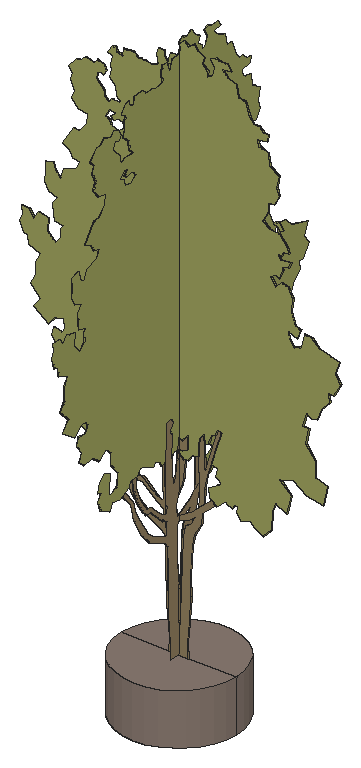
Revit family "L-PL낙엽교목_팥배나무", category 수목, Revit 2019
Family settings
  OmniClass 번호 = 23.40.05.00
  OmniClass 제목 = Plants and Planting Products
  작업 기준면 기반 = 아니오
  항상 수직 = 예
  로드될 때 보이드를 사용하여 절단 = 아니오
  렌더 모양 소스 = 패밀리 형상
  공유 = 아니오
Parameters (values of type "팥배나무")
  한국산업규격KS = ""
  콘 높이 = 뿌리분 직경 / 4  # 272.5 mm
  조달청표준공사코드-세부공종 = "10161599202809"
  뿌리분 직경 = (24 mm + ((R / 10) - 3 mm) * 5) * 10  # 1090 mm
  뿌리분 높이 = 뿌리분 직경 / 2  # 545 mm
  높이 = 5000 mm
  건설정보분류체계-부위분류 = "E985"
  R = 200 mm
  LIM_INFO_주의사항 = "재배포, 재가공, 판매 금지"
  LIM_INFO_제작일 = "20211210"
  LIM_INFO_버전 = "2022_V01"
  LIM_INFO_PL_학명 = "Quercus myrsinaefolia Bl."
  LIM_INFO_PL_품명 = "가시나무"
  LIM_INFO_PL_주당인정수량 = 0
  LIM_INFO_PL_수목단위 = "주"
  LIM_INFO_PL_규격 = "5.0H X 18R"
  LIM_INFO_PL_구분 = "상록교목"
  LIM_INFO_PL_가격 = 0
  LIM_INFO_PL_Qty [instance] = 0
  LIM_INFO_PL_M2당수량 = 0
  KBIMS_식별-버전 = ""
  KBIMS_식별-bSK등록번호 = ""
  KBIMS_보급정보-저작자 = "림인포테크_MMJ"
  KBIMS_보급정보-보급코드 = ""
  H = 높이  # 5000 mm
Reference planes
  plane 1 "중심(앞/뒤)": y = 0
  plane 2: z = 0
  plane 3 "중심(왼쪽/오른쪽)": x = 0
  plane 4: x = 482.5
  plane 5: x = -607.5
  plane 6: z = -545
  plane 7: z = -817.5
  plane 8: z = 5000
  plane 9: x = -100
  plane 10: x = 100
Forms (mm)
  Revolve 1, solid, material "흙"
    sketch origin (0, 0, 0) x (1, 0, 0) y (0, 0, 1)
      loop
        line (0, 0) -> (-607.5, 0) -> (-607.5, -545) -> (0, -545) -> (0, 0)
      axis (0, 0) -> (0, -545)
    angle from 0 to 360
  Revolve 2, solid, material "흙"
    sketch origin (0, 0, 0) x (1, 0, 0) y (0, 0, 1)
      loop
        line (0, -545) -> (-607.5, -545) -> (0, -817.5) -> (0, -545)
      axis (0, -545) -> (0, -817.5)
    angle from 0 to 360
Dimensions and locks
  "뿌리분 직경": plane 4 to plane 5
  "뿌리분 높이": plane 6 to level
  "콘 높이": plane 7 to plane 6
  "H": level to plane 8
  "R": plane 9 to plane 10
  aligned and locked: level to plane 2
Automatic sketch dimensions
  Revolve 1 sketch curve to level = 0 mm  (x2)
  Revolve 1 sketch curve to plane 5 = 0 mm
  Revolve 1 sketch curve to plane 3 "중심(왼쪽/오른쪽)" = 0 mm  (x2)
  Revolve 1 sketch curve to plane 6 = 0 mm  (x2)
  Revolve 2 sketch curve to plane 5 = 0 mm
  Revolve 2 sketch curve to plane 3 "중심(왼쪽/오른쪽)" = 0 mm  (x2)
  Revolve 2 sketch curve to plane 7 = 0 mm  (x2)
  Revolve 2 sketch curve to plane 6 = 0 mm  (x2)
Nested families
  nested 1: "팥배나무" at (0, 0, 0), type "팥배나무"
Definition of nested family "팥배나무"
  Parameters (values of type "팥배나무")
    Height = 6000 mm
  Reference planes
    plane 1 "중심(앞/뒤)": y = 0
    plane 2: z = 0
    plane 3 "중심(왼쪽/오른쪽)": x = 0
  Forms (mm)
    Extrusion 1, solid, detail levels fine
      sketch origin (0, 0, 0) x (1, 0, 0) y (0, 0, 1)
        loop
          line (-380.891, 1228.712) -> (-174.689, 1124.918) -> (-139.284, 1077.72) -> (-132.929, 876.223) -> (-129.353, 443.798) -> (-96.672, 139.738) -> (-100, 0) -> (100, 0) -> (94.781, 136.298) -> (115.488, 348.499) -> (131.018, 596.931) -> (124.116, 781.529) -> (146.582, 1081.052) -> (172.465, 1193.191) -> (246.654, 1321.079) -> (255.132, 1423.791) -> (172.49, 1361.302) -> (148.346, 1305.854) -> (115.617, 1268.457) -> (80.218, 1250.427) -> (63.519, 1179.641) -> (50.161, 1142.244) -> (28.221, 369.48) -> (25.535, 306.38) -> (16.135, 288.928) -> (4.722, 331.217) -> (4.05, 628.588) -> (-20.22, 889.371) -> (-20.077, 1234.379) -> (11.816, 1270.251) -> (116.464, 1322.067) -> (248.021, 1424.702) -> (394.817, 1549.822) -> (346.908, 1579.324) -> (216.129, 1472.235) -> (154.618, 1406.006) -> (-3.908, 1313.851) -> (-28.077, 1321.623) -> (-31.182, 1416.328) -> (-21.865, 1469.115) -> (43.354, 1629.027) -> (57.376, 1693.268) -> (75.596, 1871.185) -> (52.517, 1868.756) -> (6.966, 1912.476) -> (5.144, 1950.124) -> (46.443, 1951.945) -> (98.954, 1979.267) -> (100.76, 2103.88) -> (48.377, 2046.69) -> (7.433, 2049.098) -> (-14.054, 1902.038) -> (-33.998, 1690.363) -> (-76.955, 1612.136) -> (-95.365, 1829.946) -> (-99.763, 1977.85) -> (-87.355, 2020.794) -> (-83.664, 2132.062) -> (-110.341, 2149.25) -> (-120.419, 2185.405) -> (-88.407, 2198.445) -> (-80.7, 2239.341) -> (-103.227, 2271.347) -> (-150.321, 2249.086) -> (-172.112, 1755.677) -> (-169.303, 1571.22) -> (-159.001, 1397.999) -> (-203.017, 1415.789) -> (-281.684, 1475.714) -> (-352.859, 1545.939) -> (-375.335, 1556.239) -> (-418.415, 1555.302) -> (-513.452, 1687.799) -> (-563.821, 1823.652) -> (-566.237, 1920.088) -> (-599.187, 1919.085) -> (-595.839, 1822.218) -> (-540.749, 1666.477) -> (-463.479, 1549.441) -> (-427.727, 1506.777) -> (-380.442, 1506.777) -> (-229.689, 1379.655) -> (-157.608, 1323.731) -> (-151.842, 1210.154) -> (-161.068, 1183.634) -> (-330.332, 1263.706) -> (-411.332, 1329.966) -> (-506.14, 1486.415) -> (-576.216, 1613.583) -> (-588.263, 1682.409) -> (-599.736, 1713.381) -> (-704.411, 1838.85) -> (-738.739, 1821.129) -> (-626.589, 1691.644) -> (-589.128, 1527.176) -> (-481.449, 1333.755) -> (-380.891, 1228.712)
        loop
          line (224.494, 1543.126) -> (216.465, 1475.079) -> (276.808, 1525.14) -> (280.908, 1663.291) -> (294.861, 1761.94) -> (390.539, 2078.814) -> (452.331, 2258.176) -> (413.462, 2267.144) -> (381.569, 2156.537) -> (282.426, 1854.117) -> (280.235, 1859.141) -> (274.039, 2072.345) -> (269.296, 2175.481) -> (223.449, 2124.111) -> (216.922, 2060.589) -> (224.494, 1543.126)
      from 0 to 5
    Extrusion 2, solid, detail levels fine
      sketch origin (0, 0, 0) x (1, 0, 0) y (0, 0, 1)
        loop
          line (-1528.055, 3602.009) -> (-1570.731, 3671.625) -> (-1658.33, 3673.871) -> (-1647.099, 3595.272) -> (-1674.052, 3530.148) -> (-1638.115, 3424.601) -> (-1593.192, 3411.127) -> (-1584.208, 3330.283) -> (-1458.426, 3283.124) -> (-1508.945, 3193.267) -> (-1506.692, 3067.074) -> (-1558.531, 2974.682) -> (-1450.344, 2857.503) -> (-1529.23, 2765.111) -> (-1369.205, 2654.692) -> (-1297.08, 2738.07) -> (-1213.687, 2751.591) -> (-1200.163, 2677.227) -> (-1227.21, 2627.651) -> (-1319.462, 2636.979) -> (-1342.172, 2553.253) -> (-1274.043, 2470.948) -> (-1310.946, 2391.48) -> (-1248.495, 2340.393) -> (-1146.303, 2361.679) -> (-1052.626, 2292.145) -> (-957.852, 2356.568) -> (-890.68, 2302.269) -> (-890.68, 2183.669) -> (-800.641, 2070.785) -> (-809.216, 1956.472) -> (-903.543, 1892.171) -> (-927.839, 1947.898) -> (-902.114, 2106.508) -> (-973.573, 2139.373) -> (-1039.316, 2079.359) -> (-1060.753, 1992.195) -> (-1016.449, 1979.335) -> (-1066.47, 1902.173) -> (-1033.599, 1812.151) -> (-909.259, 1747.85) -> (-882.105, 1827.87) -> (-773.486, 1806.436) -> (-659.151, 1866.45) -> (-643.43, 1919.32) -> (-546.245, 1922.178) -> (-506.228, 1980.763) -> (-451.461, 1980.763) -> (-381.452, 1943.842) -> (-327.001, 1920.511) -> (-314.036, 1967.174) -> (-259.584, 1938.658) -> (-228.469, 1886.809) -> (-170.877, 1912.354) -> (-153.821, 2252.6) -> (-100.13, 2275.117) -> (-76.602, 2240.855) -> (-86.32, 2193.298) -> (-115.985, 2182.559) -> (-108.313, 2151.877) -> (-79.671, 2132.445) -> (-84.786, 2018.41) -> (-97.706, 1977.147) -> (-96.09, 1910.903) -> (-57.952, 1943.217) -> (-10.442, 1940.955) -> (6.042, 2051.146) -> (47.412, 2048.561) -> (101.437, 2106.209) -> (101.233, 2076.397) -> (100.236, 1978.345) -> (46.601, 1951.045) -> (5.996, 1949.229) -> (7.942, 1913.171) -> (53.635, 1870.39) -> (107.688, 1877.439) -> (154.69, 1941.216) -> (217.136, 1948.936) -> (215.14, 2061.779) -> (222.578, 2125.097) -> (270.418, 2177.838) -> (272.331, 2140.442) -> (275.093, 2077.973) -> (322.692, 2117.098) -> (350.719, 2194.158) -> (397.952, 2221.886) -> (412.251, 2270.275) -> (455.7, 2259.828) -> (397.923, 2087.295) -> (346.86, 1920.188) -> (410.398, 1905.189) -> (406.868, 1857.544) -> (392.749, 1824.017) -> (434.225, 1802.841) -> (444.209, 1766.106) -> (322.281, 1694.27) -> (326.636, 1596.311) -> (407.196, 1546.243) -> (503.574, 1624.854) -> (515.413, 1605.406) -> (571.229, 1582.577) -> (589.835, 1620.626) -> (621.971, 1619.781) -> (611.986, 1563.636) -> (657.883, 1502.901) -> (767.228, 1531.244) -> (802.326, 1482.656) -> (898.172, 1436.767) -> (980.518, 1523.146) -> (995.367, 1699.954) -> (1027.766, 1791.732) -> (1143.86, 1737.745) -> (1193.808, 1926.699) -> (1072.314, 2037.373) -> (1220.807, 2075.164) -> (1351.75, 1975.288) -> (1531.292, 1945.595) -> (1570.548, 2137.955) -> (1443.654, 2182.494) -> (1449.054, 2343.106) -> (1347.809, 2469.976) -> (1377.507, 2623.839) -> (1314.06, 2630.587) -> (1356.841, 2760.463) -> (1406.479, 2728.499) -> (1465.372, 2736.91) -> (1508.28, 2848.785) -> (1601.667, 2945.519) -> (1584.84, 3031.317) -> (1641.209, 3029.635) -> (1716.087, 3152.445) -> (1659.217, 3238.247) -> (1702.514, 3360.622) -> (1491.855, 3418.064) -> (1411.089, 3496.317) -> (1333.265, 3501.445) -> (1300.075, 3372.856) -> (1227.055, 3333.864) -> (1169.801, 3402.722) -> (1164.822, 3469.92) -> (1256.097, 3435.077) -> (1295.096, 3523.845) -> (1237.012, 3544.585) -> (1190.545, 3659.901) -> (1209.373, 3790.247) -> (1160.838, 3884.008) -> (1091.738, 3903.748) -> (1030.041, 3841.24) -> (974.925, 3923.487) -> (1022.637, 3954.741) -> (1066.236, 3935.001) -> (1081.866, 3972.835) -> (1102.432, 4018.893) -> (1095.851, 4054.259) -> (1165.774, 4068.241) -> (1186.78, 4123.237) -> (1081.679, 4120.161) -> (1058.608, 4157.58) -> (1092.445, 4158.605) -> (1109.877, 4198.587) -> (1168.323, 4203.201) -> (1153.698, 4261.562) -> (1067.824, 4361.516) -> (970.414, 4362.797) -> (893.511, 4424.307) -> (952.47, 4520.417) -> (948.625, 4612.682) -> (1015.274, 4612.682) -> (1067.824, 4711.355) -> (1042.19, 4788.243) -> (1069.105, 4903.574) -> (966.569, 4967.647) -> (947.343, 5079.135) -> (851.666, 5106.824) -> (838.981, 5163.895) -> (941.728, 5189.259) -> (948.071, 5252.671) -> (901.137, 5255.208) -> (852.935, 5299.596) -> (802.195, 5293.255) -> (755.262, 5357.935) -> (707.059, 5486.027) -> (634.756, 5492.368) -> (615.729, 5607.778) -> (525.666, 5634.411) -> (463.511, 5701.628) -> (562.452, 5714.31) -> (519.324, 5773.917) -> (449.558, 5766.308) -> (395.013, 5781.527) -> (344.274, 5761.235) -> (383.596, 5691.482) -> (364.569, 5611.583) -> (308.756, 5581.145) -> (311.293, 5630.606) -> (254.211, 5681.336) -> (273.239, 5740.943) -> (208.546, 5780.259) -> (169.999, 5835.433) -> (111.883, 5797.234) -> (60.762, 5832.205) -> (11.255, 5790.24) -> (24.17, 5733.21) -> (-0.583, 5673.491) -> (-77.534, 5671.339) -> (-102.825, 5604.626) -> (-100.135, 5552.976) -> (-146.198, 5619.286) -> (-150.523, 5665.983) -> (-210.203, 5668.577) -> (-228.366, 5606.315) -> (-211.068, 5505.139) -> (-295.83, 5484.384) -> (-346.86, 5509.462) -> (-419.513, 5502.544) -> (-475.733, 5542.323) -> (-580.389, 5534.54) -> (-587.308, 5465.36) -> (-647.852, 5481.79) -> (-653.907, 5524.163) -> (-697.153, 5518.11) -> (-744.723, 5440.282) -> (-699.748, 5418.663) -> (-716.181, 5334.782) -> (-707.532, 5283.761) -> (-726.116, 5211.626) -> (-662.278, 5154.737) -> (-648.4, 5061.772) -> (-602.602, 5009.046) -> (-705.299, 5013.209) -> (-739.994, 4984.071) -> (-778.853, 5020.146) -> (-780.241, 5067.322) -> (-863.508, 5154.737) -> (-848.243, 5232.439) -> (-791.343, 5213.013) -> (-763.587, 5254.639) -> (-784.404, 5304.59) -> (-853.794, 5335.116) -> (-888.489, 5287.94) -> (-977.308, 5315.691) -> (-1031.432, 5265.739) -> (-1074.454, 5264.352) -> (-1164.66, 5168.612) -> (-1117.475, 5114.499) -> (-1138.292, 5047.897) -> (-1097.559, 4956.283) -> (-1125.525, 4878.518) -> (-1055.61, 4792.888) -> (-959.477, 4785.024) -> (-974.334, 4685.414) -> (-1041.627, 4594.542) -> (-1110.779, 4594.542) -> (-1227.077, 4417.189) -> (-1148.464, 4374.521) -> (-1117.018, 4309.397) -> (-1045.143, 4295.923) -> (-1076.588, 4219.57) -> (-1211.355, 4174.656) -> (-1247.292, 4078.092) -> (-1301.199, 4131.988) -> (-1319.168, 4201.604) -> (-1406.766, 4174.656) -> (-1397.781, 4078.092) -> (-1409.012, 3988.265) -> (-1366.336, 3907.421) -> (-1274.246, 3880.473) -> (-1330.398, 3810.857) -> (-1319.168, 3709.802) -> (-1312.429, 3646.923) -> (-1215.847, 3628.958) -> (-1249.539, 3595.272) -> (-1245.046, 3507.691) -> (-1301.199, 3438.075) -> (-1384.305, 3527.902) -> (-1373.074, 3651.414) -> (-1474.149, 3673.871) -> (-1528.055, 3602.009)
        loop
          line (-630.876, 4732.598) -> (-568.826, 4780.655) -> (-585.431, 4833.955) -> (-636.12, 4844.441) -> (-685.06, 4822.596) -> (-716.522, 4849.683) -> (-676.321, 4876.77) -> (-656.22, 4899.488) -> (-721.766, 4899.488) -> (-769.832, 4829.587) -> (-724.387, 4811.237) -> (-710.404, 4753.568) -> (-630.876, 4732.598)
        loop
          line (1067.813, 4462.896) -> (1023.302, 4456.899) -> (1002.783, 4433.859) -> (1047.925, 4421.865) -> (1079.809, 4386.516) -> (1109.483, 4402.297) -> (1067.813, 4462.896)
      from 0 to 5
    Extrusion 3, solid, detail levels fine
      sketch origin (-5.583, -4.417, 0) x (0, 1, 0) y (0, 0, 1)
        loop
          line (-380.891, 1228.712) -> (-174.689, 1124.918) -> (-139.284, 1077.72) -> (-132.929, 876.223) -> (-129.353, 443.798) -> (-96.672, 139.738) -> (-100, 0) -> (100, 0) -> (94.781, 136.298) -> (115.488, 348.499) -> (131.018, 596.931) -> (124.116, 781.529) -> (146.582, 1081.052) -> (172.465, 1193.191) -> (246.654, 1321.079) -> (255.132, 1423.791) -> (172.49, 1361.302) -> (148.346, 1305.854) -> (115.617, 1268.457) -> (80.218, 1250.427) -> (63.519, 1179.641) -> (50.161, 1142.244) -> (28.221, 369.48) -> (25.535, 306.38) -> (16.135, 288.928) -> (4.722, 331.217) -> (4.05, 628.588) -> (-20.22, 889.371) -> (-20.077, 1234.379) -> (11.816, 1270.251) -> (116.464, 1322.067) -> (248.021, 1424.702) -> (394.817, 1549.822) -> (346.908, 1579.324) -> (216.129, 1472.235) -> (154.618, 1406.006) -> (-3.908, 1313.851) -> (-28.077, 1321.623) -> (-31.182, 1416.328) -> (-21.865, 1469.115) -> (43.354, 1629.027) -> (57.376, 1693.268) -> (75.596, 1871.185) -> (52.517, 1868.756) -> (6.966, 1912.476) -> (5.144, 1950.124) -> (46.443, 1951.945) -> (98.954, 1979.267) -> (100.76, 2103.88) -> (48.377, 2046.69) -> (7.433, 2049.098) -> (-14.054, 1902.038) -> (-33.998, 1690.363) -> (-76.955, 1612.136) -> (-95.365, 1829.946) -> (-99.763, 1977.85) -> (-87.355, 2020.794) -> (-83.664, 2132.062) -> (-110.341, 2149.25) -> (-120.419, 2185.405) -> (-88.407, 2198.445) -> (-80.7, 2239.341) -> (-103.227, 2271.347) -> (-150.321, 2249.086) -> (-172.112, 1755.677) -> (-169.303, 1571.22) -> (-159.001, 1397.999) -> (-203.017, 1415.789) -> (-281.684, 1475.714) -> (-352.859, 1545.939) -> (-375.335, 1556.239) -> (-418.415, 1555.302) -> (-513.452, 1687.799) -> (-563.821, 1823.652) -> (-566.237, 1920.088) -> (-599.187, 1919.085) -> (-595.839, 1822.218) -> (-540.749, 1666.477) -> (-463.479, 1549.441) -> (-427.727, 1506.777) -> (-380.442, 1506.777) -> (-229.689, 1379.655) -> (-157.608, 1323.731) -> (-151.842, 1210.154) -> (-161.068, 1183.634) -> (-330.332, 1263.706) -> (-411.332, 1329.966) -> (-506.14, 1486.415) -> (-576.216, 1613.583) -> (-588.263, 1682.409) -> (-599.736, 1713.381) -> (-704.411, 1838.85) -> (-738.739, 1821.129) -> (-626.589, 1691.644) -> (-589.128, 1527.176) -> (-481.449, 1333.755) -> (-380.891, 1228.712)
        loop
          line (224.494, 1543.126) -> (216.465, 1475.079) -> (276.808, 1525.14) -> (280.908, 1663.291) -> (294.861, 1761.94) -> (390.539, 2078.814) -> (452.331, 2258.176) -> (413.462, 2267.144) -> (381.569, 2156.537) -> (282.426, 1854.117) -> (280.235, 1859.141) -> (274.039, 2072.345) -> (269.296, 2175.481) -> (223.449, 2124.111) -> (216.922, 2060.589) -> (224.494, 1543.126)
      from 0 to 5
    Extrusion 4, solid, detail levels fine
      sketch origin (-5.583, -4.417, 0) x (0, 1, 0) y (0, 0, 1)
        loop
          line (-1528.055, 3602.009) -> (-1570.731, 3671.625) -> (-1658.33, 3673.871) -> (-1647.099, 3595.272) -> (-1674.052, 3530.148) -> (-1638.115, 3424.601) -> (-1593.192, 3411.127) -> (-1584.208, 3330.283) -> (-1458.426, 3283.124) -> (-1508.945, 3193.267) -> (-1506.692, 3067.074) -> (-1558.531, 2974.682) -> (-1450.344, 2857.503) -> (-1529.23, 2765.111) -> (-1369.205, 2654.692) -> (-1297.08, 2738.07) -> (-1213.687, 2751.591) -> (-1200.163, 2677.227) -> (-1227.21, 2627.651) -> (-1319.462, 2636.979) -> (-1342.172, 2553.253) -> (-1274.043, 2470.948) -> (-1310.946, 2391.48) -> (-1248.495, 2340.393) -> (-1146.303, 2361.679) -> (-1052.626, 2292.145) -> (-957.852, 2356.568) -> (-890.68, 2302.269) -> (-890.68, 2183.669) -> (-800.641, 2070.785) -> (-809.216, 1956.472) -> (-903.543, 1892.171) -> (-927.839, 1947.898) -> (-902.114, 2106.508) -> (-973.573, 2139.373) -> (-1039.316, 2079.359) -> (-1060.753, 1992.195) -> (-1016.449, 1979.335) -> (-1066.47, 1902.173) -> (-1033.599, 1812.151) -> (-909.259, 1747.85) -> (-882.105, 1827.87) -> (-773.486, 1806.436) -> (-659.151, 1866.45) -> (-643.43, 1919.32) -> (-546.245, 1922.178) -> (-506.228, 1980.763) -> (-451.461, 1980.763) -> (-381.452, 1943.842) -> (-327.001, 1920.511) -> (-314.036, 1967.174) -> (-259.584, 1938.658) -> (-228.469, 1886.809) -> (-170.877, 1912.354) -> (-153.821, 2252.6) -> (-100.13, 2275.117) -> (-76.602, 2240.855) -> (-86.32, 2193.298) -> (-115.985, 2182.559) -> (-108.313, 2151.877) -> (-79.671, 2132.445) -> (-84.786, 2018.41) -> (-97.706, 1977.147) -> (-96.09, 1910.903) -> (-57.952, 1943.217) -> (-10.442, 1940.955) -> (6.042, 2051.146) -> (47.412, 2048.561) -> (101.437, 2106.209) -> (101.233, 2076.397) -> (100.236, 1978.345) -> (46.601, 1951.045) -> (5.996, 1949.229) -> (7.942, 1913.171) -> (53.635, 1870.39) -> (107.688, 1877.439) -> (154.69, 1941.216) -> (217.136, 1948.936) -> (215.14, 2061.779) -> (222.578, 2125.097) -> (270.418, 2177.838) -> (272.331, 2140.442) -> (275.093, 2077.973) -> (322.692, 2117.098) -> (350.719, 2194.158) -> (397.952, 2221.886) -> (412.251, 2270.275) -> (455.7, 2259.828) -> (397.923, 2087.295) -> (346.86, 1920.188) -> (410.398, 1905.189) -> (406.868, 1857.544) -> (392.749, 1824.017) -> (434.225, 1802.841) -> (444.209, 1766.106) -> (322.281, 1694.27) -> (326.636, 1596.311) -> (407.196, 1546.243) -> (503.574, 1624.854) -> (515.413, 1605.406) -> (571.229, 1582.577) -> (589.835, 1620.626) -> (621.971, 1619.781) -> (611.986, 1563.636) -> (657.883, 1502.901) -> (767.228, 1531.244) -> (802.326, 1482.656) -> (898.172, 1436.767) -> (980.518, 1523.146) -> (995.367, 1699.954) -> (1027.766, 1791.732) -> (1143.86, 1737.745) -> (1193.808, 1926.699) -> (1072.314, 2037.373) -> (1220.807, 2075.164) -> (1351.75, 1975.288) -> (1531.292, 1945.595) -> (1570.548, 2137.955) -> (1443.654, 2182.494) -> (1449.054, 2343.106) -> (1347.809, 2469.976) -> (1377.507, 2623.839) -> (1314.06, 2630.587) -> (1356.841, 2760.463) -> (1406.479, 2728.499) -> (1465.372, 2736.91) -> (1508.28, 2848.785) -> (1601.667, 2945.519) -> (1584.84, 3031.317) -> (1641.209, 3029.635) -> (1716.087, 3152.445) -> (1659.217, 3238.247) -> (1702.514, 3360.622) -> (1491.855, 3418.064) -> (1411.089, 3496.317) -> (1333.265, 3501.445) -> (1300.075, 3372.856) -> (1227.055, 3333.864) -> (1169.801, 3402.722) -> (1164.822, 3469.92) -> (1256.097, 3435.077) -> (1295.096, 3523.845) -> (1237.012, 3544.585) -> (1190.545, 3659.901) -> (1209.373, 3790.247) -> (1160.838, 3884.008) -> (1091.738, 3903.748) -> (1030.041, 3841.24) -> (974.925, 3923.487) -> (1022.637, 3954.741) -> (1066.236, 3935.001) -> (1081.866, 3972.835) -> (1102.432, 4018.893) -> (1095.851, 4054.259) -> (1165.774, 4068.241) -> (1186.78, 4123.237) -> (1081.679, 4120.161) -> (1058.608, 4157.58) -> (1092.445, 4158.605) -> (1109.877, 4198.587) -> (1168.323, 4203.201) -> (1153.698, 4261.562) -> (1067.824, 4361.516) -> (970.414, 4362.797) -> (893.511, 4424.307) -> (952.47, 4520.417) -> (948.625, 4612.682) -> (1015.274, 4612.682) -> (1067.824, 4711.355) -> (1042.19, 4788.243) -> (1069.105, 4903.574) -> (966.569, 4967.647) -> (947.343, 5079.135) -> (851.666, 5106.824) -> (838.981, 5163.895) -> (941.728, 5189.259) -> (948.071, 5252.671) -> (901.137, 5255.208) -> (852.935, 5299.596) -> (802.195, 5293.255) -> (755.262, 5357.935) -> (707.059, 5486.027) -> (634.756, 5492.368) -> (615.729, 5607.778) -> (525.666, 5634.411) -> (463.511, 5701.628) -> (562.452, 5714.31) -> (519.324, 5773.917) -> (449.558, 5766.308) -> (395.013, 5781.527) -> (344.274, 5761.235) -> (383.596, 5691.482) -> (364.569, 5611.583) -> (308.756, 5581.145) -> (311.293, 5630.606) -> (254.211, 5681.336) -> (273.239, 5740.943) -> (208.546, 5780.259) -> (169.999, 5835.433) -> (111.883, 5797.234) -> (60.762, 5832.205) -> (11.255, 5790.24) -> (24.17, 5733.21) -> (-0.583, 5673.491) -> (-77.534, 5671.339) -> (-102.825, 5604.626) -> (-100.135, 5552.976) -> (-146.198, 5619.286) -> (-150.523, 5665.983) -> (-210.203, 5668.577) -> (-228.366, 5606.315) -> (-211.068, 5505.139) -> (-295.83, 5484.384) -> (-346.86, 5509.462) -> (-419.513, 5502.544) -> (-475.733, 5542.323) -> (-580.389, 5534.54) -> (-587.308, 5465.36) -> (-647.852, 5481.79) -> (-653.907, 5524.163) -> (-697.153, 5518.11) -> (-744.723, 5440.282) -> (-699.748, 5418.663) -> (-716.181, 5334.782) -> (-707.532, 5283.761) -> (-726.116, 5211.626) -> (-662.278, 5154.737) -> (-648.4, 5061.772) -> (-602.602, 5009.046) -> (-705.299, 5013.209) -> (-739.994, 4984.071) -> (-778.853, 5020.146) -> (-780.241, 5067.322) -> (-863.508, 5154.737) -> (-848.243, 5232.439) -> (-791.343, 5213.013) -> (-763.587, 5254.639) -> (-784.404, 5304.59) -> (-853.794, 5335.116) -> (-888.489, 5287.94) -> (-977.308, 5315.691) -> (-1031.432, 5265.739) -> (-1074.454, 5264.352) -> (-1164.66, 5168.612) -> (-1117.475, 5114.499) -> (-1138.292, 5047.897) -> (-1097.559, 4956.283) -> (-1125.525, 4878.518) -> (-1055.61, 4792.888) -> (-959.477, 4785.024) -> (-974.334, 4685.414) -> (-1041.627, 4594.542) -> (-1110.779, 4594.542) -> (-1227.077, 4417.189) -> (-1148.464, 4374.521) -> (-1117.018, 4309.397) -> (-1045.143, 4295.923) -> (-1076.588, 4219.57) -> (-1211.355, 4174.656) -> (-1247.292, 4078.092) -> (-1301.199, 4131.988) -> (-1319.168, 4201.604) -> (-1406.766, 4174.656) -> (-1397.781, 4078.092) -> (-1409.012, 3988.265) -> (-1366.336, 3907.421) -> (-1274.246, 3880.473) -> (-1330.398, 3810.857) -> (-1319.168, 3709.802) -> (-1312.429, 3646.923) -> (-1215.847, 3628.958) -> (-1249.539, 3595.272) -> (-1245.046, 3507.691) -> (-1301.199, 3438.075) -> (-1384.305, 3527.902) -> (-1373.074, 3651.414) -> (-1474.149, 3673.871) -> (-1528.055, 3602.009)
        loop
          line (-630.876, 4732.598) -> (-568.826, 4780.655) -> (-585.431, 4833.955) -> (-636.12, 4844.441) -> (-685.06, 4822.596) -> (-716.522, 4849.683) -> (-676.321, 4876.77) -> (-656.22, 4899.488) -> (-721.766, 4899.488) -> (-769.832, 4829.587) -> (-724.387, 4811.237) -> (-710.404, 4753.568) -> (-630.876, 4732.598)
        loop
          line (1067.813, 4462.896) -> (1023.302, 4456.899) -> (1002.783, 4433.859) -> (1047.925, 4421.865) -> (1079.809, 4386.516) -> (1109.483, 4402.297) -> (1067.813, 4462.896)
      from 0 to 5
    Revolve 5, solid, detail levels coarse
      sketch origin (0, 0, 0) x (1, 0, 0) y (0, 0, 1)
        loop
          line (-0.583, 0) -> (-0.583, 5800)
          spline (-0.583, 5800) -> (-336.769, 5724.342) -> (-651.123, 5502.282) -> (-923.231, 5148.24) -> (-1135.422, 4685.207) -> (-1273.916, 4143.254) -> (-1329.72, 3557.574) -> (-1299.209, 2966.202) -> (-1184.366, 2407.542) -> (-992.648, 1917.872) -> (-736.505, 1528.993) -> (-432.571, 1266.158) -> (-100.583, 1146.435)
          line (-100.583, 1146.435) -> (-100.583, 0) -> (-0.583, 0)
        axis (-0.583, 5800) -> (-0.583, 0)
      angle from 0 to 360
  Lines and regions (mm)
    symbolic lines
      curve 1: line (357.115, 177.733, 0) -> (381.202, 144.076, 0)
      curve 2: line (381.202, 144.076, 0) -> (538.336, 144.076, 0)
      curve 3: line (538.336, 144.076, 0) -> (560.017, 187.439, 0)
      curve 4: line (560.017, 187.439, 0) -> (622.349, 208.216, 0)
      curve 5: line (622.349, 208.216, 0) -> (701.036, 187.233, 0)
      curve 6: line (701.036, 187.233, 0) -> (785.961, 107.968, 0)
      curve 7: line (785.961, 107.968, 0) -> (917.867, 28.824, 0)
      curve 8: line (917.867, 28.824, 0) -> (1069.879, 68.48, 0)
      curve 9: line (1069.879, 68.48, 0) -> (1098.45, 218.477, 0)
      curve 10: line (1098.45, 218.477, 0) -> (1155.215, 248.752, 0)
      curve 11: line (1155.215, 248.752, 0) -> (1209.965, 187.157, 0)
      curve 12: line (1209.965, 187.157, 0) -> (1303.949, 160.304, 0)
      curve 13: line (1303.949, 160.304, 0) -> (1410.788, 324.125, 0)
      curve 14: line (1410.788, 324.125, 0) -> (1410.788, 363.177, 0)
      curve 15: line (1410.788, 363.177, 0) -> (1417.763, 446.883, 0)
      curve 16: line (1417.763, 446.883, 0) -> (1329.845, 555.091, 0)
      curve 17: line (1329.845, 555.091, 0) -> (1338.483, 645.788, 0)
      curve 18: line (1338.483, 645.788, 0) -> (1338.483, 741.883, 0)
      curve 19: line (1338.483, 741.883, 0) -> (1285.686, 748.482, 0)
      curve 20: line (1285.686, 748.482, 0) -> (1261.703, 765.613, 0)
      curve 21: line (1261.703, 765.613, 0) -> (1133.902, 925.365, 0)
      curve 22: line (1133.902, 925.365, 0) -> (1117.64, 974.152, 0)
      curve 23: line (1117.64, 974.152, 0) -> (953.236, 1117.113, 0)
      curve 24: line (953.236, 1117.113, 0) -> (789.309, 1188.832, 0)
      curve 25: line (789.309, 1188.832, 0) -> (519.319, 1188.832, 0)
      curve 26: line (519.319, 1188.832, 0) -> (432.798, 1107.4, 0)
      curve 27: line (432.798, 1107.4, 0) -> (387.573, 949.112, 0)
      curve 28: line (387.573, 949.112, 0) -> (424.344, 896.581, 0)
      curve 29: line (424.344, 896.581, 0) -> (435.382, 775.159, 0)
      curve 30: line (435.382, 775.159, 0) -> (336.539, 536.769, 0)
      curve 31: line (336.539, 536.769, 0) -> (253.552, 484.902, 0)
      curve 32: line (253.552, 484.902, 0) -> (268.764, 309.963, 0)
      curve 33: line (268.764, 309.963, 0) -> (426.539, 298.275, 0)
      curve 34: line (426.539, 298.275, 0) -> (446.02, 251.821, 0)
      curve 35: line (446.02, 251.821, 0) -> (357.115, 177.733, 0)
      curve 36: line (-1168.424, -856.552, 0) -> (-1258.214, -718.873, 0)
      curve 37: line (-1258.214, -718.873, 0) -> (-1228.284, -575.208, 0)
      curve 38: line (-1228.284, -575.208, 0) -> (-1348.004, -479.431, 0)
      curve 39: line (-1348.004, -479.431, 0) -> (-1371.948, -377.668, 0)
      curve 40: line (-1371.948, -377.668, 0) -> (-1294.13, -353.724, 0)
      curve 41: line (-1294.13, -353.724, 0) -> (-1198.354, -186.114, 0)
      curve 42: line (-1198.354, -186.114, 0) -> (-1318.074, -174.142, 0)
      curve 43: line (-1318.074, -174.142, 0) -> (-1377.934, -222.031, 0)
      curve 44: line (-1377.934, -222.031, 0) -> (-1449.766, -186.114, 0)
      curve 45: line (-1449.766, -186.114, 0) -> (-1449.766, 5.439, 0)
      curve 46: line (-1449.766, 5.439, 0) -> (-1395.892, 101.216, 0)
      curve 47: line (-1395.892, 101.216, 0) -> (-1353.99, 125.16, 0)
      curve 48: line (-1353.99, 125.16, 0) -> (-1288.144, 143.118, 0)
      curve 49: line (-1288.144, 143.118, 0) -> (-1234.27, 268.825, 0)
      curve 50: line (-1234.27, 268.825, 0) -> (-1030.746, 328.686, 0)
      curve 51: line (-1030.746, 328.686, 0) -> (-887.082, 286.784, 0)
      curve 52: line (-887.082, 286.784, 0) -> (-845.18, 167.063, 0)
      curve 53: line (-845.18, 167.063, 0) -> (-857.152, 5.439, 0)
      curve 54: line (-857.152, 5.439, 0) -> (-797.292, -102.31, 0)
      curve 55: line (-797.292, -102.31, 0) -> (-707.502, -144.212, 0)
      curve 56: line (-707.502, -144.212, 0) -> (-671.586, -281.891, 0)
      curve 57: line (-671.586, -281.891, 0) -> (-725.46, -461.473, 0)
      curve 58: line (-725.46, -461.473, 0) -> (-635.67, -605.138, 0)
      curve 59: line (-635.67, -605.138, 0) -> (-623.698, -796.692, 0)
      curve 60: line (-623.698, -796.692, 0) -> (-755.39, -802.678, 0)
      curve 61: line (-755.39, -802.678, 0) -> (-917.012, -706.901, 0)
      curve 62: line (-917.012, -706.901, 0) -> (-1030.746, -760.775, 0)
      curve 63: line (-1030.746, -760.775, 0) -> (-988.844, -922.399, 0)
      curve 64: line (-988.844, -922.399, 0) -> (-1168.424, -856.552, 0)
      curve 65: line (-749.404, 161.077, 0) -> (-887.082, 268.825, 0)
      curve 66: line (-647.754, -1311.794, 0) -> (-767.426, -1132.791, 0)
      curve 67: line (-767.426, -1132.791, 0) -> (-750.177, -1006.298, 0)
      curve 68: line (-750.177, -1006.298, 0) -> (-624.685, -910.333, 0)
      curve 69: line (-624.685, -910.333, 0) -> (-524.401, -856.59, 0)
      curve 70: line (-524.401, -856.59, 0) -> (-327.61, -887.486, 0)
      curve 71: line (-327.61, -887.486, 0) -> (-281.492, -841.368, 0)
      curve 72: line (-281.492, -841.368, 0) -> (-247.565, -813.095, 0)
      curve 73: line (-247.565, -813.095, 0) -> (-111.249, -828.242, 0)
      curve 74: line (-111.249, -828.242, 0) -> (-55.974, -868.442, 0)
      curve 75: line (-55.974, -868.442, 0) -> (94.26, -942.44, 0)
      curve 76: line (94.26, -942.44, 0) -> (199.731, -804.009, 0)
      curve 77: line (199.731, -804.009, 0) -> (443.083, -821.326, 0)
      curve 78: line (443.083, -821.326, 0) -> (518.171, -889.589, 0)
      curve 79: line (518.171, -889.589, 0) -> (538.313, -983.586, 0)
      curve 80: line (538.313, -983.586, 0) -> (572.777, -983.586, 0)
      curve 81: line (572.777, -983.586, 0) -> (543.871, -844.839, 0)
      curve 82: line (543.871, -844.839, 0) -> (602.677, -546.076, 0)
      curve 83: line (602.677, -546.076, 0) -> (767.295, -471.662, 0)
      curve 84: line (767.295, -471.662, 0) -> (760.277, -345.339, 0)
      curve 85: line (760.277, -345.339, 0) -> (846.46, -259.156, 0)
      curve 86: line (846.46, -259.156, 0) -> (991.565, -309.943, 0)
      curve 87: line (991.565, -309.943, 0) -> (1057.467, -453.729, 0)
      curve 88: line (1057.467, -453.729, 0) -> (1214.971, -527.231, 0)
      curve 89: line (1214.971, -527.231, 0) -> (1333.476, -653.144, 0)
      curve 90: line (1333.476, -653.144, 0) -> (1229.02, -777.187, 0)
      curve 91: line (1229.02, -777.187, 0) -> (1211.447, -851.874, 0)
      curve 92: line (1211.447, -851.874, 0) -> (1189.996, -916.226, 0)
      curve 93: line (1189.996, -916.226, 0) -> (1024.226, -981.35, 0)
      curve 94: line (1024.226, -981.35, 0) -> (1024.226, -1025.071, 0)
      curve 95: line (1024.226, -1025.071, 0) -> (1024.226, -1107.057, 0)
      curve 96: line (1024.226, -1107.057, 0) -> (866.497, -1167.723, 0)
      curve 97: line (866.497, -1167.723, 0) -> (708.698, -1292.116, 0)
      curve 98: line (708.698, -1292.116, 0) -> (486.196, -1292.116, 0)
      curve 99: line (486.196, -1292.116, 0) -> (412.127, -1325.036, 0)
      curve 100: line (412.127, -1325.036, 0) -> (387.88, -1397.778, 0)
      curve 101: line (387.88, -1397.778, 0) -> (160.526, -1397.778, 0)
      curve 102: line (160.526, -1397.778, 0) -> (117.813, -1312.352, 0)
      curve 103: line (117.813, -1312.352, 0) -> (29.356, -1320.776, 0)
      curve 104: line (29.356, -1320.776, 0) -> (46.112, -1382.215, 0)
      curve 105: line (46.112, -1382.215, 0) -> (-64.508, -1441.78, 0)
      curve 106: line (-64.508, -1441.78, 0) -> (-137.825, -1389.41, 0)
      curve 107: line (-137.825, -1389.41, 0) -> (-364.878, -1380.152, 0)
      curve 108: line (-364.878, -1380.152, 0) -> (-436.783, -1323.654, 0)
      curve 109: line (-436.783, -1323.654, 0) -> (-541.242, -1323.654, 0)
      curve 110: line (-541.242, -1323.654, 0) -> (-647.754, -1311.794, 0)
      curve 111: line (-617.559, 544.054, 0) -> (-331.452, 564.869, 0)
      curve 112: line (-331.452, 564.869, 0) -> (-143.391, 633.256, 0)
      curve 113: line (-143.391, 633.256, 0) -> (-28.38, 627.505, 0)
      curve 114: line (-28.38, 627.505, 0) -> (124.691, 724.915, 0)
      curve 115: line (124.691, 724.915, 0) -> (154.358, 825.783, 0)
      curve 116: line (154.358, 825.783, 0) -> (121.542, 907.824, 0)
      curve 117: line (121.542, 907.824, 0) -> (-48.035, 927.39, 0)
      curve 118: line (-48.035, 927.39, 0) -> (-48.035, 975.081, 0)
      curve 119: line (-48.035, 975.081, 0) -> (41.668, 997.507, 0)
      curve 120: line (41.668, 997.507, 0) -> (99.069, 1028.816, 0)
      curve 121: line (99.069, 1028.816, 0) -> (131.954, 1143.918, 0)
      curve 122: line (131.954, 1143.918, 0) -> (113.193, 1200.202, 0)
      curve 123: line (113.193, 1200.202, 0) -> (51.618, 1292.566, 0)
      curve 124: line (51.618, 1292.566, 0) -> (55.678, 1369.721, 0)
      curve 125: line (55.678, 1369.721, 0) -> (-4.684, 1464.577, 0)
      curve 126: line (-4.684, 1464.577, 0) -> (-13.843, 1463.051, 0)
      curve 127: line (-13.843, 1463.051, 0) -> (-245.863, 1463.051, 0)
      curve 128: line (-245.863, 1463.051, 0) -> (-374.182, 1412.838, 0)
      curve 129: line (-374.182, 1412.838, 0) -> (-472.152, 1412.838, 0)
      curve 130: line (-472.152, 1412.838, 0) -> (-687.86, 1301.715, 0)
      curve 131: line (-687.86, 1301.715, 0) -> (-640.177, 1190.455, 0)
      curve 132: line (-640.177, 1190.455, 0) -> (-663.683, 1123.855, 0)
      curve 133: line (-663.683, 1123.855, 0) -> (-777.318, 1116.753, 0)
      curve 134: line (-777.318, 1116.753, 0) -> (-837.166, 1125.303, 0)
      curve 135: line (-837.166, 1125.303, 0) -> (-983.212, 1086.869, 0)
      curve 136: line (-983.212, 1086.869, 0) -> (-996.708, 1069.999, 0)
      curve 137: line (-996.708, 1069.999, 0) -> (-1086.179, 1006.091, 0)
      curve 138: line (-1086.179, 1006.091, 0) -> (-967.239, 789.197, 0)
      curve 139: line (-967.239, 789.197, 0) -> (-896.715, 789.197, 0)
      curve 140: line (-896.715, 789.197, 0) -> (-770.724, 765.199, 0)
      curve 141: line (-770.724, 765.199, 0) -> (-723.665, 732.257, 0)
      curve 142: line (-723.665, 732.257, 0) -> (-702.289, 652.094, 0)
      curve 143: line (-702.289, 652.094, 0) -> (-663.133, 550.565, 0)
      curve 144: line (-663.133, 550.565, 0) -> (-617.559, 544.054, 0)
      curve 145: arc (-43.056, -443.515, 0) -> (36.226, -541.634, 0) -> (148.497, -599.152, 0) r 304.189
      curve 146: arc (-1.154, -0.547, 0) -> (-86.4, -215.949, 0) -> (-43.056, -443.515, 0) r 415.474
      curve 147: arc (429.839, -736.831, 0) -> (494.625, -783.281, 0) -> (561.531, -826.622, 0) r 1689.329
      curve 148: arc (429.839, -736.831, 0) -> (295.745, -654.551, 0) -> (148.497, -599.152, 0) r 827.052
      curve 149: arc (-647.642, -479.431, 0) -> (-542.471, -329.507, 0) -> (-468.062, -162.17, 0) r 948.783
      curve 150: arc (-252.566, -617.11, 0) -> (-338.779, -695.44, 0) -> (-384.258, -802.678, 0) r 271.642
      curve 151: arc (-252.566, -617.11, 0) -> (-140.394, -539.264, 0) -> (-43.055, -443.515, 0) r 801.868
      curve 152: arc (-31.084, 610.03, 0) -> (-129.099, 502.066, 0) -> (-102.916, 358.616, 0) r 164.616
      curve 153: line (328.077, -664.999, 0) -> (615.405, -605.138, 0)
      curve 154: line (489.699, -635.068, 0) -> (573.503, -706.901, 0)
      curve 155: line (519.629, 23.397, 0) -> (549.559, 185.021, 0)
      curve 156: line (76.665, -748.803, 0) -> (136.525, -898.455, 0)
      curve 157: line (160.469, -641.054, 0) -> (-43.056, -880.496, 0)
      curve 158: line (256.245, -682.957, 0) -> (328.077, -820.636, 0)
      curve 159: line (-379.922, 408.792, 0) -> (-102.916, 358.616, 0)
      curve 160: line (-102.916, 358.616, 0) -> (70.679, 125.16, 0)
      curve 161: line (70.679, 125.16, 0) -> (262.757, 676.808, 0)
      curve 162: line (262.757, 676.808, 0) -> (378.016, 722.635, 0)
      curve 163: line (178.427, 687.849, 0) -> (34.763, 645.947, 0)
      curve 164: line (188.046, 492.113, 0) -> (69.453, 670.143, 0)
      curve 165: line (-25.098, 610.03, 0) -> (28.777, 645.947, 0)
      curve 166: line (-32.198, 610.707, 0) -> (-54.835, 631.421, 0)
      curve 167: line (232.301, 568.128, 0) -> (375.965, 586.086, 0)
      curve 168: line (238.287, 627.989, 0) -> (136.525, 747.71, 0)
      curve 169: line (375.965, 723.765, 0) -> (429.839, 921.305, 0)
      curve 170: line (639.349, 5.439, 0) -> (741.111, 149.104, 0)
      curve 171: line (920.691, -78.366, 0) -> (1034.425, -186.114, 0)
      curve 172: line (693.223, 83.258, 0) -> (639.349, 202.979, 0)
      curve 173: line (-402.216, 35.369, 0) -> (-569.824, 83.258, 0)
      curve 174: line (-569.824, 83.258, 0) -> (-749.404, 167.063, 0)
      curve 175: line (-605.74, 83.258, 0) -> (-767.362, -120.268, 0)
      curve 176: line (-354.328, -748.803, 0) -> (-509.964, -796.692, 0)
      curve 177: line (-509.964, -796.692, 0) -> (-563.838, -904.441, 0)
      curve 178: line (-671.586, 5.439, 0) -> (-857.152, 41.356, 0)
      curve 179: line (-545.88, -323.794, 0) -> (-503.978, -467.459, 0)
      curve 180: line (-503.978, -467.459, 0) -> (-587.782, -647.04, 0)
      curve 181: line (-527.922, -545.278, 0) -> (-665.6, -575.208, 0)
      curve 182: line (-653.628, -485.417, 0) -> (-707.502, -515.347, 0)
      curve 183: line (-575.81, -353.724, 0) -> (-683.558, -335.766, 0)
      curve 184: line (-695.53, -42.449, 0) -> (-707.502, -144.212, 0)
      curve 185: line (998.509, -18.505, 0) -> (920.691, -84.352, 0)
      curve 186: line (920.691, -84.352, 0) -> (735.125, 5.439, 0)
      curve 187: line (735.125, 5.439, 0) -> (435.825, 17.411, 0)
      curve 188: line (435.825, 17.411, 0) -> (298.147, 47.342, 0)
      curve 189: line (298.147, 47.342, 0) -> (70.679, 125.16, 0)
      curve 190: line (70.679, 125.16, 0) -> (-1.154, -0.547, 0)
      curve 191: line (-1.154, -0.547, 0) -> (-222.636, -36.463, 0)
      curve 192: line (-222.636, -36.463, 0) -> (-324.398, 47.342, 0)
      curve 193: line (-324.398, 47.342, 0) -> (-402.216, 35.369, 0)
      curve 194: line (-402.216, 35.369, 0) -> (-468.062, -162.17, 0)
      curve 195: line (-342.356, -724.859, 0) -> (-234.608, -826.622, 0)
      curve 196: line (-246.58, -641.054, 0) -> (-144.818, -808.664, 0)
      curve 197: line (-398.537, 529.678, 0) -> (-379.922, 408.792, 0)
      curve 198: line (-379.922, 408.792, 0) -> (-569.614, 542.939, 0)
      curve 199: line (-206.893, 542.939, 0) -> (-322.85, 570.846, 0)
      curve 200: line (-288.269, 561.548, 0) -> (-340.796, 558.467, 0)
      curve 201: line (-125.517, 515.721, 0) -> (-201.894, 542.939, 0)
      curve 202: line (-201.894, 542.939, 0) -> (-222.419, 618.499, 0)
  Dimensions and locks
    aligned and locked: level to plane 2
